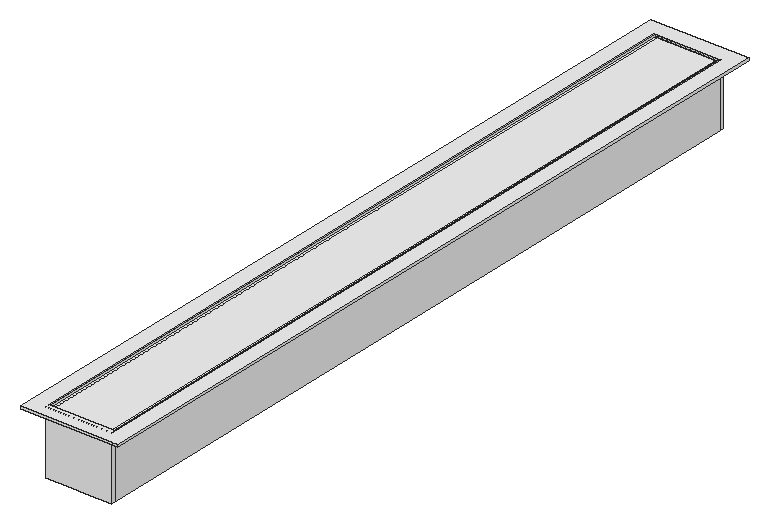
Revit family "EOS4.0-R-D", category Lighting Fixtures, host Face, Revit 2018
Family settings
  Host = Face
  Round Connector Dimension = Use Diameter
  Part Type = Normal
  Cut with Voids When Loaded = No
  Light Source = Yes
  Shared = Yes
  Room Calculation Point = Yes
Parameters (values of type "4' Direct")
  Wattage = 17.6471 W
  built-in parameter 1150110 = 1 (stored number, unit not read)
  Voltage = 0 V
  Type Comments = "LUX ILLUMINAIRE"
  Trim = yes
  built-in parameter 1114217 = 1 (stored number, unit not read)
  Tilt Angle = 90.00°
  built-in parameter 1150109 = 1 (stored number, unit not read)
  built-in parameter 1150134 = 12
  Switch Leg Visibility = no
  Switch Leg [instance] = ""
  built-in parameter 1150113 = 1 (stored number, unit not read)
  Photometric Web File = "EOS 4.0-R-FT 375 4 40K 8.ies"
  Material [instance] = LUX ILLUMINAIRE White
  Manufacturer = ""
  built-in parameter 1150105 = 119.37 (stored number, unit not read)
  Lumens = 1500 lm
  built-in parameter 1150115 = 1 (stored number, unit not read)
  built-in parameter 1150137 = (empty or 0)
  built-in parameter 1150139 = (empty or 0)
  built-in parameter 1150112 = 1 (stored number, unit not read)
  built-in parameter 1150114 = 1 (stored number, unit not read)
  Lamp = "LED"
  built-in parameter 1150132 = 2
  built-in parameter 1150102 = (empty or 0)
  built-in parameter 1150107 = 4000 (stored number, unit not read)
  built-in parameter 1150138 = (empty or 0)
  built-in parameter 1150106 = 1.1937 (stored number, unit not read)
  Fixture Width = 0' - 4 3/16"
  Fixture Symbol Visiblity = yes
  Fixture Length = 4' - 0"
  Emit from Rectangle Width = Fixture Width - 0' 0 1/4"  # 0' - 3 15/16"
  Emit from Rectangle Length = Fixture Length  # 4' - 0"
  Emit Shape Visible in Rendering = yes
  Emergency Lighting [instance] = no
  built-in parameter 1150104 = 7.8968 (stored number, unit not read)
  Dimming Lamp Color Temperature Shift = <None>
  Default Elevation = 4' - 0"
  Color Filter = 16777215
  built-in parameter 1140040 [instance] = 1
  built-in parameter 1114218 = 1 (stored number, unit not read)
  built-in parameter 1150133 = 10 (stored number, unit not read)
  Apparent Load = 13.6 VA
Types (7): name | Wattage | Type Comments | Manufacturer | built-in parameter 1150105 | Lumens | built-in parameter 1150106 | Fixture Length | Emit from Rectangle Length | Apparent Load
  2' Direct | 8.82353 W | 0' - 0" | "LUX ILLUMINAIRE" | 59.683 (stored number, unit not read) | 750 lm | 0.59683 (stored number, unit not read) | 2' - 0" | 2' - 0" | 6.8 VA
  3' Direct | 13.2353 W | "LUX ILLUMINAIRE" | "" | 89.525 (stored number, unit not read) | 1125 lm | 0.89525 (stored number, unit not read) | 3' - 0" | 3' - 0" | 10.2 VA
  4' Direct | 17.6471 W | "LUX ILLUMINAIRE" | "" | 119.37 (stored number, unit not read) | 1500 lm | 1.1937 (stored number, unit not read) | 4' - 0" | 4' - 0" | 13.6 VA
  5' Direct | 22.0588 W | "LUX ILLUMINAIRE" | "" | 149.21 (stored number, unit not read) | 1875 lm | 1.4921 (stored number, unit not read) | 5' - 0" | 5' - 0" | 17 VA
  6' Direct | 26.4706 W | 0' - 0" | "LUX ILLUMINAIRE" | 179.05 (stored number, unit not read) | 2250 lm | 1.7905 (stored number, unit not read) | 6' - 0" | 6' - 0" | 20.4 VA
  7' Direct | 30.8824 W | 0' - 0" | "LUX ILLUMINAIRE" | 208.89 (stored number, unit not read) | 2625 lm | 2.0889 (stored number, unit not read) | 7' - 0" | 7' - 0" | 23.8 VA
  8' Direct | 35.2941 W | 0' - 0" | "LUX ILLUMINAIRE" | 238.73 (stored number, unit not read) | 3000 lm | 2.3873 (stored number, unit not read) | 8' - 0" | 8' - 0" | 27.2 VA
Reference planes (in)
  plane 1 "Center (Front/Back)": y = 0
  plane 2: z = 0
  plane 3 "Center (Left/Right)": x = 0
  plane 4: x = 2.09375
  plane 5: x = -2.09375
  plane 6: y = 24
  plane 7: y = -24
  plane 8: z = 0
  plane 9: y = 24.25
  plane 10: y = -24.25
  plane 11: z = -3.91797
Forms (in)
  Extrusion 1, solid, material "LUX ILLUMINAIRE White" <- "Material"
    sketch origin (0, 0, -20.03125) x (1, 0, 0) y (0, 0, 1)
      loop
        line (-2.094, 16.11178) -> (-0.437, 16.11178) -> (0.438, 16.11178) -> (2.09501, 16.11178) -> (2.09501, 20.12626) -> (2.01002, 20.12626) -> (2.01002, 20.01325) -> (1.85803, 20.03122) -> (-1.85745, 20.03122) -> (-2.00901, 20.01325) -> (-2.00901, 20.12626) -> (-2.094, 20.12626) -> (-2.094, 16.11178)
    from -24 to 24
  Extrusion 2, solid, material "LUX ILLUMINAIRE White" <- "Material"
    sketch origin (0, 0, -20.03125) x (1, 0, 0) y (0, 0, 1)
      loop
        line (-2.094, 20.12626) -> (-2.094, 16.11178) -> (-0.437, 16.11178) -> (0.438, 16.11178) -> (2.09501, 16.11178) -> (2.09501, 20.12626) -> (-2.094, 20.12626)
    from 24 to 24.25
  Extrusion 3, solid, not visible
    sketch origin (0, 0, 0) x (1, 0, 0) y (0, 1, 0)
      loop
        circle (0.00029, -24) r 0.1875
    from 0 to 1
  Extrusion 4, solid, not visible
    sketch origin (0, 0, 0) x (1, 0, 0) y (0, 1, 0)
      loop
        circle (0.0005, -24) r 0.03125
    from 1 to 13.33203
  Extrusion 5, solid, not visible
    sketch origin (0, 0, 0) x (1, 0, 0) y (0, 1, 0)
      loop
        circle (0.0005, -24) r 0.18729
    from 13.33203 to 14.08203
  Extrusion 6, solid, material "LUX ILLUMINAIRE White" <- "Material"
    sketch origin (0.00056, 24, -20.03125) x (1, 0, 0) y (0, 0, -1)
      loop
        line (-2.09431, -20.12626) -> (2.09319, -20.12626) -> (2.09319, -16.11178) -> (0.438, -16.11178) -> (-0.437, -16.11178) -> (-2.09431, -16.11178) -> (-2.09431, -20.12626)
    from 0 to 0.25
  Extrusion 7, solid, material "LUX ILLUMINAIRE White" <- "Material", visible <- "Trim"
    sketch origin (0, 0, 0) x (1, 0, 0) y (0, 1, 0)
      loop
        line (-3.09375, 25) -> (-3.09375, -25) -> (3.09375, -25) -> (3.09375, 25) -> (-3.09375, 25)
      loop
        line (-2.09375, 24) -> (-2.09375, -24) -> (2.09375, -24) -> (2.09375, 24) -> (-2.09375, 24)
    from 0 to 0.125
Lines and regions (in)
  symbolic lines, visible <- "Fixture Symbol Visiblity"
    curve 1: line (-2.09375, 24, 0) -> (2.09375, 24, 0)
    curve 2: line (-2.09375, -24, 0) -> (-2.09375, 24, 0)
    curve 3: line (2.09375, -24, 0) -> (-2.09375, -24, 0)
    curve 4: line (2.09375, 24, 0) -> (2.09375, -24, 0)
Dimensions and locks (in)
  plane 5 to plane 4 = 0' - 4 3/16"
  equal spacing: plane 7, plane 1 "Center (Front/Back)", plane 6
  "Fixture Length": plane 7 to plane 6
  plane 8 to host face = 0' - 0"
  locked: plane 6 to plane 9 at 0.25
  locked: plane 10 to plane 7 at 0.25
  Extrusion 6 to plane 8 to plane 11 = 0' - 0.09501" locked, 0' - 3 235/256" locked
  "Fixture Width": plane 4 to plane 5
  equal spacing: plane 4, plane 3 "Center (Left/Right)", plane 5
  locked: nested 2 to plane 10 at 9.5
  plane 11 to plane 8 = 0' - 3 235/256"
  Extrusion 7 sketch curve to Extrusion 7 sketch curve = 0' - 1"  (x3)
  Extrusion 2 to Extrusion 7 sketch curve = 0' - 1"
  aligned and locked: plane 2 to host face
  aligned and locked: level to host face
  aligned and locked: Extrusion 6 to plane 5
  aligned and locked: plane 4 to Extrusion 6
  aligned and locked: plane 6 to Extrusion 6
  aligned and locked: Extrusion 1 to plane 6
  aligned and locked: plane 10 to Extrusion 2
  aligned and locked: Extrusion 2 to plane 7
  aligned and locked: plane 7 to Extrusion 1
  aligned and locked: Extrusion 6 to plane 9
  aligned and locked: plane 7 to nested 1
  aligned and locked: plane 6 to curve 1
  aligned and locked: plane 5 to curve 2
  aligned and locked: curve 3 to plane 7
  aligned and locked: curve 4 to plane 4
  aligned and locked: nested 1 to plane 6
  aligned and locked: Extrusion 7 sketch curve to plane 4
  aligned and locked: Extrusion 7 sketch curve to plane 7
  aligned and locked: plane 5 to Extrusion 7 sketch curve
  aligned and locked: plane 6 to Extrusion 7 sketch curve
Automatic sketch dimensions
  host sketch curve to host sketch curve = 8' - 0"  (x2)
  Extrusion 1 sketch curve to plane 5 = 0' - 0.00025"
  plane 5 to Extrusion 1 sketch curve = 0' - 0.08474"  (x2)
  Extrusion 1 sketch curve to plane 8 = 0' - 0.018"  (x2)
  Extrusion 1 sketch curve to plane 8 = 0' - 0.00003"  (x2)
  Extrusion 1 sketch curve to Extrusion 1 sketch curve = 0' - 0.15157"
  Extrusion 1 sketch curve to plane 11 = 0' - 0.0015"
  Extrusion 1 sketch curve to plane 3 "Center (Left/Right)" = 0' - 0.437"
  plane 3 "Center (Left/Right)" to Extrusion 1 sketch curve = 0' - 0.438"
  Extrusion 1 sketch curve to plane 4 = 0' - 0.23572"
  Extrusion 1 sketch curve to plane 4 = 0' - 0.08373"  (x2)
  plane 4 to Extrusion 1 sketch curve = 0' - 0.00126"
  plane 8 to Extrusion 1 sketch curve = 0' - 0.09501"  (x2)
  Extrusion 1 sketch curve to Extrusion 1 sketch curve = 0' - 0"  (x2)
  Extrusion 2 sketch curve to plane 5 = 0' - 0.00025"
  Extrusion 2 sketch curve to plane 11 = 0' - 0.0015"
  Extrusion 2 sketch curve to plane 3 "Center (Left/Right)" = 0' - 0.437"
  plane 3 "Center (Left/Right)" to Extrusion 2 sketch curve = 0' - 0.438"
  plane 4 to Extrusion 2 sketch curve = 0' - 0.00126"
  plane 8 to Extrusion 2 sketch curve = 0' - 0.09501"
  plane 5 to Extrusion 6 sketch curve = 0' - 0"
  Extrusion 6 sketch curve to plane 11 = 0' - 0.0015"
  Extrusion 6 sketch curve to plane 3 "Center (Left/Right)" = 0' - 0.43644"
  plane 3 "Center (Left/Right)" to Extrusion 6 sketch curve = 0' - 0.43856"
  plane 4 to Extrusion 6 sketch curve = 0' - 0"
  plane 8 to Extrusion 6 sketch curve = 0' - 0.09501"
  radius of Extrusion 3 sketch curve = 0' - 0 3/16"
  radius of Extrusion 4 sketch curve = 0' - 0 1/32"
  radius of Extrusion 5 sketch curve = 0' - 0.18729"
Nested families (in)
  nested 1: "Emergency Symbol Rectangle" at (-11.90822, 0, 0) x (0, 1, 0) z (0, 0, 1), visible <- "Emergency Lighting", type "Emergency Symbol Rectangle"
    with Width 1' - 0.50394", Length 4' - 0"
  nested 2: "Switch Leg Annotation" at (9.99627, -14.75, 0) x (0, 1, 0) z (0, 0, 1), visible <- "Switch Leg Visibility", Switch Leg Annotation <- "Switch Leg", type "Switch Leg Annotation"
    with Switch Leg Annotation ""
Connectors (in)
  electrical at (-1.2655, 0, -3.91947), driven by "Apparent Load", driven by "Voltage"
    settings: on Extrusion 1, index 1, voltage 0 V, apparent load 0 VA, apparent load phase1 13.6 VA, apparent load phase2 0 VA, apparent load phase3 0 VA, power factor 1, load classification "Other", number of poles 1, system type 31, power factor state 1, is connector primary yes, connector utility no, sub classification motor no, connector description ""
Definition of nested family "Emergency Symbol Rectangle"
  Parameters (values of type "Emergency Symbol Rectangle")
    Width [instance] = 0' - 8 1/2"
    Length [instance] = 5' - 0"
    Emergency Visibility = no
  Reference planes (in)
    plane 1 "Center (Front/Back)": y = -7.75
    plane 2: z = 0
    plane 3 "Center (Left/Right)": x = -24
    plane 4: x = 24
    plane 5: x = -36
    plane 6: y = -3.5
    plane 7: y = -12
  Lines and regions (in)
    Filled region 1, type "Solid Fill - Black", in view "Ref. Level", detail levels coarse+medium
      outline origin (0, 0.25, 0) x (1, 0, 0) y (0, 1, 0)
        loop
          line (-36, -12.25) -> (24, -12.25) -> (-36, -10.125) -> (-36, -12.25)
  Dimensions and locks (in)
    equal spacing: plane 7, plane 1 "Center (Front/Back)", plane 6
    "Width": plane 7 to plane 6
    "Length": plane 5 to plane 4
    aligned and locked: plane 5 to Filled region 1
  Automatic sketch dimensions
    plane 1 "Center (Front/Back)" to Filled region 1 sketch curve = 0' - 2 1/8"
    Filled region 1 sketch curve to plane 3 "Center (Left/Right)" = 1' - 0"
    Filled region 1 sketch curve to plane 4 = 0' - 0"
    Filled region 1 sketch curve to plane 7 = 0' - 0"
Definition of nested family "Switch Leg Annotation"
  Parameters (values of type "Switch Leg Annotation")
    Switch Leg Annotation [instance] = ""
  Reference planes (in)
    plane 1: y = 0
    plane 2: x = 0
  Text (in)
    label "a" at (0.00527, 0.01239, 0), shows "Switch Leg Annotation"
